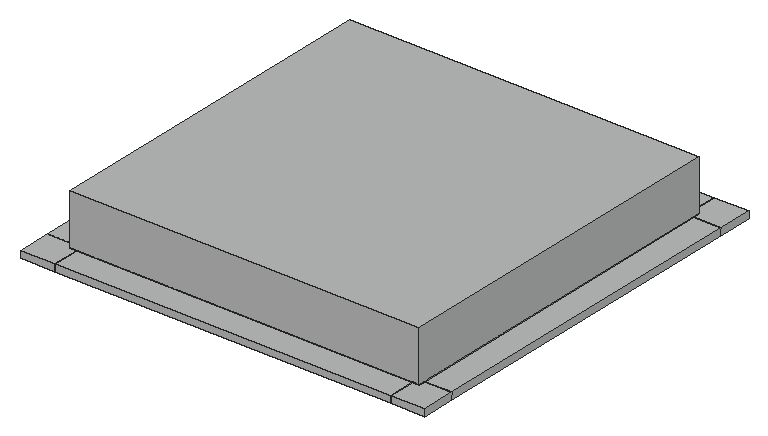
Revit family "ALUMOGIPS", category Осветительные приборы, Revit 2019 (continued)
Types (72, lengths in mm): name | Файл фотометрической сетки | built-in parameter 1150105 | Lumens | built-in parameter 1150106 | built-in parameter 1150142 | Wattage | Emit from Rectangle Width | Emit from Rectangle Length | Длина | Материал светильника | Ширина | ADSK_Ток | ADSK_Полная мощность | ADSK_Обозначение | ADSK_Номинальная мощность | ADSK_Наименование | ADSK_Масса | ADSK_Код изделия
    647 2.549 2.450 2.352 2.254 2.157 2.157 2.059 1.960 1.862 \r\n1.764 1.667 1.569 1.569 1.470 1.372 1.274 1.177 1.078 0.980 0.882 0.882 0.784 0.687 0.588 0.490 0.392 0.294 0.294 0.196 0.098 0.000 \r\n2755.907 2756.592 2751.104 2743.850 2728.264 2709.934 2687.389 2658.864 2627.007 2589.170 2545.942 2500.459 2452.036 2399.790 2343.035 2283.438 2222.565 2156.008 \r\n2088.079 2017.796 1945.750 1871.350 1794.794 1716.867 1637.076 1555.619 1473.182 1389.372 1303.113 1214.892 1128.633 1041.687 954.446 867.402 780.260 694.294 608.917 525.205 \r\n444.042 365.625 291.029 220.453 153.209 92.730 38.621 3.823 3.725 3.627 3.529 3.431 3.431 3.332 3.234 3.137 3.039 2.941 2.842 2.744 2.744 2.647 2.549 2.450 2.352 2.254 2.157 2.157 2.059 1.960 1.862 \r\n1.764 1.667 1.569 1.569 1.470 1.372 1.274 1.177 1.078 0.980 0.882 0.882 0.784 0.687 0.588 0.490 0.392 0.294 0.294 0.196 0.098 0.000 \r\n2755.907 2756.789 2751.201 2744.046 2728.558 2710.326 2687.879 2659.354 2627.693 2589.856 2546.629 2501.244 2452.820 2400.672 2343.917 2284.320 2223.545 2156.890 \r\n2089.059 2018.776 1946.730 1872.330 1795.774 1717.847 1638.056 1556.501 1474.064 1390.255 1304.093 1215.677 1129.417 1042.373 955.133 867.991 780.750 694.686 609.309 525.499 \r\n444.337 365.820 291.128 220.551 153.308 92.730 38.719 3.823 3.725 3.627 3.529 3.431 3.431 3.332 3.234 3.137 3.039 2.941 2.842 2.842 2.744 2.647 2.549 2.450 2.352 2.254 2.157 2.157 2.059 1.960 1.862 \r\n1.764 1.667 1.569 1.569 1.470 1.372 1.274 1.177 1.078 0.980 0.980 0.882 0.784 0.687 0.588 0.490 0.392 0.294 0.294 0.196 0.098 0.000 \r\n2755.907 2756.887 2751.398 2744.340 2728.852 2710.718 2688.466 2659.943 2628.281 2590.542 2547.314 2501.930 2453.605 2401.554 2344.799 2285.201 2224.525 2157.870 \r\n2090.039 2019.756 1947.710 1873.310 1796.853 1718.827 1638.939 1557.481 1474.946 1391.137 1304.975 1216.559 1130.201 1043.157 955.720 868.481 781.240 695.176 609.701 525.794 \r\n444.631 366.016 291.323 220.649 153.406 92.827 38.719 3.823 3.725 3.627 3.529 3.431 3.431 3.332 3.234 3.137 3.039 2.941 2.842 2.842 2.744 2.647 2.549 2.450 2.352 2.254 2.157 2.157 2.059 1.960 1.862 \r\n1.764 1.667 1.569 1.569 1.470 1.372 1.274 1.177 1.078 0.980 0.980 0.882 0.784 0.687 0.588 0.490 0.392 0.294 0.294 0.196 0.098 0.000 \r\n2755.907 2756.985 2751.496 2744.634 2729.244 2711.110 2688.957 2660.531 2628.967 2591.228 2548.001 2502.616 2454.389 2402.339 2345.682 2286.084 2225.506 2158.850 \r\n2091.019 2020.737 1948.690 1874.290 1797.833 1719.807 1639.919 1558.364 1475.926 1392.019 1305.955 1217.343 1130.887 1043.843 956.407 869.069 781.730 695.568 610.093 526.185 \r\n444.827 366.213 291.519 220.747 153.406 92.925 38.817 3.823 3.725 3.627 3.529 3.431 3.431 3.332 3.234 3.137 3.039 2.941 2.842 2.842 2.744 2.647 2.549 2.450 2.352 2.254 2.254 2.157 2.059 1.960 1.862 \r\n1.764 1.667 1.569 1.569 1.470 1.372 1.274 1.177 1.078 0.980 0.980 0.882 0.784 0.687 0.588 0.490 0.392 0.294 0.294 0.196 0.098 0.000 \r\n2755.907 2757.083 2751.594 2744.830 2729.539 2711.502 2689.545 2661.021 2629.654 2591.915 2548.687 2503.401 2455.271 2403.221 2346.564 2286.966 2226.486 2159.733 \r\n2091.999 2021.619 1949.769 1875.369 1798.813 1720.787 1640.899 1559.344 1476.809 1392.804 1306.837 1218.128 1131.672 1044.529 957.093 869.656 782.319 696.058 610.485 526.479 \r\n445.121 366.408 291.618 220.845 153.503 92.925 38.915 3.823 3.725 3.627 3.529 3.529 3.431 3.332 3.234 3.137 3.039 2.941 2.842 2.842 2.744 2.647 2.549 2.450 2.352 2.254 2.254 2.157 2.059 1.960 1.862 \r\n1.764 1.667 1.569 1.569 1.470 1.372 1.274 1.177 1.078 0.980 0.980 0.882 0.784 0.687 0.588 0.490 0.392 0.294 0.294 0.196 0.098 0.000 \r\n2755.907 2757.180 2751.691 2745.124 2729.832 2711.992 2690.035 2661.608 2630.339 2592.601 2549.373 2504.086 2456.055 2404.103 2347.348 2287.848 2227.466 2160.713 \r\n2092.980 2022.599 1950.749 1876.349 1799.793 1721.768 1641.879 1560.226 1477.691 1393.686 1307.720 1219.010 1132.456 1045.215 957.681 870.245 782.809 696.548 610.877 526.774 \r\n445.414 366.605 291.813 220.943 153.601 93.024 38.915 3.823 3.725 3.627 3.529 3.529 3.431 3.332 3.234 3.137 3.039 2.941 2.842 2.842 2.744 2.647 2.549 2.450 2.352 2.254 2.254 2.157 2.059 1.960 1.862 \r\n1.764 1.667 1.569 1.569 1.470 1.372 1.274 1.177 1.078 0.980 0.980 0.882 0.784 0.687 0.588 0.490 0.392 0.294 0.294 0.196 0.098 0.000 \r\n2755.907 2757.279 2751.789 2745.418 2730.127 2712.384 2690.525 2662.197 2631.026 2593.287 2550.059 2504.871 2456.839 2404.985 2348.231 2288.730 2228.446 2161.694 \r\n2093.960 2023.579 1951.729 1877.329 1800.774 1722.846 1642.860 1561.207 1478.672 1394.568 1308.701 1219.793 1133.142 1046.000 958.367 870.833 783.299 696.941 611.269 527.067 \r\n445.709 366.800 292.010 221.041 153.700 93.024 39.013 3.823 3.725 3.627 3.529 3.529 3.431 3.332 3.234 3.137 3.039 2.941 2.941 2.842 2.744 2.647 2.549 2.450 2.352 2.254 2.254 2.157 2.059 1.960 1.862 \r\n1.764 1.667 1.569 1.569 1.470 1.372 1.274 1.177 1.078 0.980 0.980 0.882 0.784 0.687 0.588 0.490 0.392 0.294 0.294 0.196 0.098 0.000 \r\n2755.907 2757.475 2751.986 2745.615 2730.420 2712.777 2691.113 2662.785 2631.614 2593.973 2550.648 2505.556 2457.624 2405.770 2349.113 2289.612 2229.426 2162.576 \r\n2094.842 2024.559 1952.709 1878.309 1801.754 1723.826 1643.742 1562.089 1479.554 1395.450 1309.583 1220.578 1133.926 1046.685 958.956 871.421 783.789 697.431 611.661 527.459 \r\n445.905 366.997 292.108 221.237 153.798 93.122 39.013 3.823 3.725 3.627 3.529 3.529 3.431 3.332 3.234 3.137 3.039 2.941 2.941 2.842 2.744 2.647 2.549 2.450 2.352 2.254 2.254 2.157 2.059 1.960 1.862 \r\n1.764 1.667 1.667 1.569 1.470 1.372 1.274 1.177 1.078 0.980 0.980 0.882 0.784 0.687 0.588 0.490 0.392 0.294 0.294 0.196 0.098 0.000 \r\n2755.907 2757.573 2752.084 2745.908 2730.715 2713.169 2691.603 2663.275 2632.300 2594.659 2551.333 2506.341 2458.408 2406.652 2349.995 2290.495 2230.407 2163.556 \r\n2095.822 2025.539 1953.788 1879.388 1802.734 1724.806 1644.722 1563.069 1480.436 1396.332 1310.465 1221.460 1134.711 1047.372 959.642 872.010 784.279 697.921 612.053 527.754 \r\n446.199 367.193 292.303 221.335 153.798 93.122 39.111 3.823 3.725 3.627 3.627 3.529 3.431 3.332 3.234 3.137 3.039 2.941 2.941 2.842 2.744 2.647 2.549 2.450 2.352 2.254 2.254 2.157 2.059 1.960 1.862 \r\n1.764 1.667 1.667 1.569 1.470 1.372 1.274 1.177 1.078 0.980 0.980 0.882 0.784 0.687 0.588 0.490 0.392 0.294 0.294 0.196 0.098 0.000 \r\n2755.907 2757.671 2752.181 2746.202 2731.009 2713.561 2692.094 2663.863 2632.986 2595.346 2552.020 2507.027 2459.192 2407.534 2350.877 2291.377 2231.387 2164.536 \r\n2096.802 2026.520 1954.768 1880.368 1803.714 1725.787 1645.702 1563.951 1481.416 1397.215 1311.445 1222.245 1135.396 1048.058 960.229 872.500 784.867 698.313 612.446 528.048 \r\n446.493 367.487 292.500 221.433 153.896 93.220 39.209 3.823 3.725 3.627 3.627 3.529 3.431 3.332 3.234 3.137 3.039 2.941 2.941 2.842 2.744 2.647 2.549 2.450 2.352 2.254 2.254 2.157 2.059 1.960 1.862 \r\n1.764 1.667 1.667 1.569 1.470 1.372 1.274 1.177 1.078 0.980 0.980 0.882 0.784 0.687 0.588 0.490 0.392 0.294 0.294 0.196 0.098 0.000 \r\n2755.907 2757.769 2752.279 2746.497 2731.302 2713.953 2692.682 2664.452 2633.673 2596.031 2552.705 2507.713 2459.976 2408.417 2351.759 2292.259 2232.368 2165.418 \r\n2097.782 2027.403 1955.748 1881.348 1804.694 1726.767 1646.682 1564.931 1482.299 1398.097 1312.327 1223.029 1136.181 1048.842 960.916 873.088 785.357 698.803 612.838 528.342 \r\n446.788 367.683 292.598 221.532 153.993 93.220 39.209 3.823 3.725 3.627 3.627 3.529 3.431 3.332 3.234 3.137 3.039 2.941 2.941 2.842 2.744 2.647 2.549 2.450 2.352 2.352 2.254 2.157 2.059 1.960 1.862 \r\n1.764 1.667 1.667 1.569 1.470 1.372 1.274 1.177 1.078 0.980 0.980 0.882 0.784 0.687 0.588 0.490 0.392 0.294 0.294 0.196 0.098 0.000 \r\n2755.907 2757.867 2752.378 2746.692 2731.695 2714.443 2693.172 2665.040 2634.358 2596.718 2553.392 2508.497 2460.760 2409.200 2352.642 2293.141 2233.348 2166.398 \r\n2098.763 2028.383 1956.728 1882.328 1805.773 1727.747 1647.662 1565.814 1483.181 1398.881 1313.307 1223.911 1136.965 1049.529 961.603 873.675 785.848 699.195 613.230 528.734 \r\n446.983 367.879 292.793 221.629 154.091 93.317 39.307 3.823 3.725 3.627 3.627 3.529 3.431 3.332 3.234 3.137 3.039 2.941 2.941 2.842 2.744 2.647 2.549 2.450 2.352 2.352 2.254 2.157 2.059 1.960 1.862 \r\n1.764 1.667 1.667 1.569 1.470 1.372 1.274 1.177 1.078 0.980 0.980 0.882 0.784 0.687 0.588 0.490 0.392 0.294 0.294 0.196 0.098 0.000 \r\n2755.907 2757.965 2752.574 2746.987 2731.989 2714.835 2693.662 2665.530 2635.045 2597.404 2554.078 2509.184 2461.545 2410.082 2353.524 2294.024 2234.328 2167.378 \r\n2099.743 2029.363 1957.708 1883.309 1806.753 1728.727 1648.643 1566.794 1484.161 1399.764 1314.190 1224.695 1137.651 1050.214 962.190 874.264 786.338 699.685 613.621 529.028 \r\n447.278 368.075 292.990 221.727 154.190 93.415 39.405 3.823 3.725 3.627 3.627 3.529 3.431 3.332 3.234 3.137 3.039 3.039 2.941 2.842 2.744 2.647 2.549 2.450 2.352 2.352 2.254 2.157 2.059 1.960 1.862 \r\n1.764 1.667 1.667 1.569 1.470 1.372 1.274 1.177 1.078 0.980 0.980 0.882 0.784 0.687 0.588 0.490 0.392 0.294 0.294 0.196 0.098 0.000 \r\n2755.907 2758.161 2752.671 2747.280 2732.283 2715.227 2694.250 2666.117 2635.633 2598.090 2554.764 2509.967 2462.329 2410.964 2354.406 2294.906 2235.309 2168.359 \r\n2100.625 2030.343 1958.787 1884.387 1807.733 1729.707 1649.525 1567.676 1485.043 1400.646 1315.072 1225.479 1138.435 1050.901 962.876 874.852 786.926 700.176 614.013 529.323 \r\n447.571 368.272 293.088 221.825 154.190 93.415 39.405 3.823 3.725 3.725 3.627 3.529 3.431 3.332 3.234 3.137 3.039 3.039 2.941 2.842 2.744 2.647 2.549 2.450 2.352 2.352 2.254 2.157 2.059 1.960 1.862 \r\n1.764 1.667 1.667 1.569 1.470 1.372 1.274 1.177 1.078 0.980 0.980 0.882 0.784 0.687 0.588 0.490 0.392 0.294 0.294 0.196 0.098 0.000 \r\n2755.907 2758.259 2752.770 2747.477 2732.577 2715.619 2694.741 2666.706 2636.319 2598.776 2555.352 2510.654 2463.113 2411.749 2355.190 2295.788 2236.289 2169.241 \r\n2101.605 2031.323 1959.767 1885.367 1808.713 1730.687 1650.505 1568.656 1485.925 1401.528 1316.052 1226.361 1139.219 1051.684 963.465 875.440 787.416 700.567 614.406 529.616 \r\n447.866 368.467 293.283 221.923 154.288 93.514 39.504 3.823 3.725 3.725 3.627 3.529 3.431 3.332 3.234 3.137 3.039 3.039 2.941 2.842 2.744 2.647 2.549 2.450 2.352 2.352 2.254 2.157 2.059 1.960 1.862 \r\n1.764 1.667 1.667 1.569 1.470 1.372 1.274 1.177 1.078 0.980 0.980 0.882 0.784 0.687 0.588 0.490 0.392 0.294 0.294 0.196 0.098 0.000 \r\n2755.907 2758.357 2752.868 2747.770 2732.871 2716.011 2695.329 2667.294 2637.005 2599.462 2556.039 2511.438 2463.897 2412.631 2356.072 2296.670 2237.269 2170.221 \r\n2102.585 2032.205 1960.747 1886.347 1809.694 1731.668 1651.485 1569.538 1486.905 1402.410 1316.934 1227.146 1139.905 1052.371 964.150 876.029 787.906 701.057 614.798 530.008 \r\n448.061 368.663 293.480 222.022 154.386 93.514 39.504 3.823 3.725 3.725 3.627 3.529 3.431 3.332 3.234 3.137 3.039 3.039 2.941 2.842 2.744 2.647 2.549 2.450 2.352 2.352 2.254 2.157 2.059 1.960 1.862 \r\n1.764 1.667 1.667 1.569 1.470 1.372 1.274 1.177 1.078 0.980 0.980 0.882 0.784 0.687 0.588 0.490 0.392 0.294 0.294 0.196 0.098 0.000 \r\n2755.907 2758.455 2753.064 2748.065 2733.166 2716.501 2695.819 2667.784 2637.692 2600.247 2556.724 2512.124 2464.681 2413.513 2356.954 2297.552 2238.249 2171.202 \r\n2103.565 2033.186 1961.727 1887.328 1810.674 1732.648 1652.465 1570.518 1487.788 1403.292 1317.816 1227.930 1140.689 1053.058 964.837 876.519 788.396 701.548 615.190 530.303 \r\n448.356 368.859 293.578 222.119 154.483 93.612 39.601 3.823 3.725 3.725 3.627 3.529 3.431 3.332 3.234 3.137 3.039 3.039 2.941 2.842 2.744 2.647 2.549 2.450 2.352 2.352 2.254 2.157 2.059 1.960 1.862 \r\n1.764 1.667 1.667 1.569 1.470 1.372 1.274 1.177 1.078 0.980 0.980 0.882 0.784 0.687 0.588 0.490 0.392 0.294 0.294 0.196 0.098 0.000 \r\n2755.907 2758.554 2753.161 2748.260 2733.459 2716.893 2696.309 2668.372 2638.377 2600.932 2557.411 2512.908 2465.466 2414.396 2357.836 2298.435 2239.229 2172.084 \r\n2104.547 2034.166 1962.708 1888.308 1811.654 1733.628 1653.446 1571.400 1488.670 1404.175 1318.796 1228.811 1141.474 1053.841 965.425 877.106 788.985 701.940 615.582 530.596 \r\n448.650 369.055 293.774 222.217 154.582 93.612 39.699 3.823 3.823 3.725 3.627 3.529 3.431 3.332 3.234 3.137 3.137 3.039 2.941 2.842 2.744 2.647 2.549 2.450 2.450 2.352 2.254 2.157 2.059 1.960 1.862 \r\n1.764 1.764 1.667 1.569 1.470 1.372 1.274 1.177 1.078 1.078 0.980 0.882 0.784 0.687 0.588 0.490 0.392 0.392 0.294 0.196 0.098 0.000 \r\n" | 51.164 W | 275 | 1175 | 1195 | RAL 9001 | 295 | 0.359168 A | 82.6087 VA | "Alumogips-76/opal-sand 295х1195 (IP54, 4000К, белый)" | 76 W | "Встраиваемый светодиодный светильник Alumogips-76/opal-sand 295х1195 (IP54, 4000К, белый)" | 2.5 | "ЦБ000007969"
